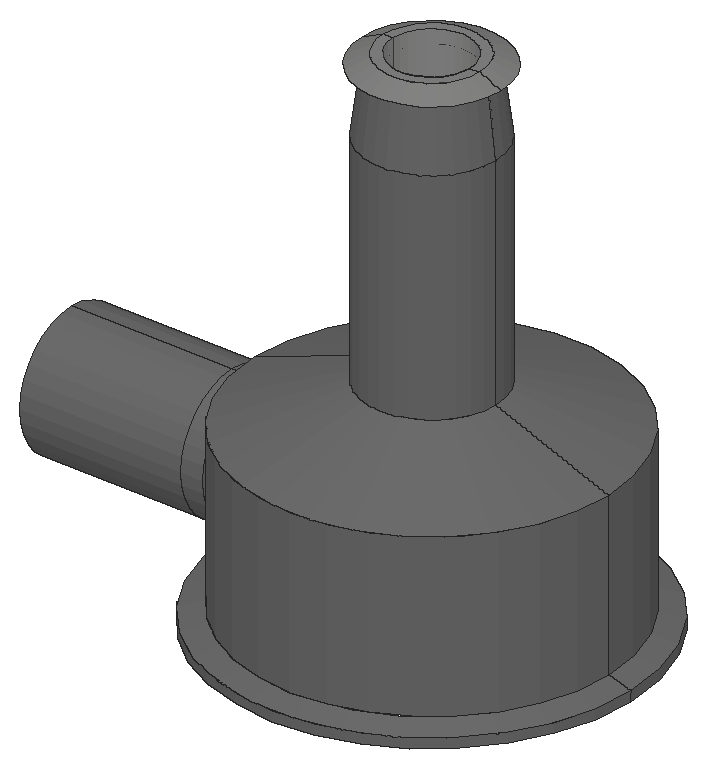
Revit family "Platek_Pico", category Apparecchi per illuminazione, host Superficie, Revit 2017 (continued)
Types (3, lengths in mm): name | Wattage | PLATEK Article Code | built-in parameter 1150142 | Luminaire Luminous Intensity | Luminaire Luminous Flux | built-in parameter 1150105 | built-in parameter 1150106 | Lumens | File diagramma fotometrico | Codice assieme | Beam Angle
    4 0.80 0.79 0.72 0.73 0.64 0.58 0.49 0.43 0.34 0.26 \r\n0.21 0.17 0.17 0.14 0.13 0.11 0.10 0.10 0.09 0.07 0.05 \r\n0.03 0.02 0.04 0.05 0.06 0.04 0.03 0.01 0.01 0.01 0.01 \r\n0.00 \r\n662.15 655.50 633.65 606.10 564.30 525.35 474.05 424.65 \r\n371.45 325.85 278.35 235.60 196.65 165.30 136.80 112.10 \r\n89.49 71.06 56.91 45.88 37.05 29.83 24.70 20.80 18.05 \r\n15.68 13.68 11.78 9.97 8.36 7.04 5.84 4.71 3.49 2.54 1.69 \r\n1.26 0.95 0.84 0.81 0.83 0.87 0.88 0.92 0.95 1.00 1.08 \r\n1.18 1.24 1.25 1.23 1.21 1.17 1.08 0.95 0.86 0.81 0.82 \r\n0.75 0.73 0.68 0.70 0.62 0.56 0.46 0.42 0.36 0.28 0.22 \r\n0.18 0.19 0.16 0.14 0.12 0.12 0.11 0.10 0.09 0.06 0.05 \r\n0.04 0.05 0.06 0.06 0.04 0.03 0.01 0.01 0.00 0.00 0.00 \r\n662.15 655.50 635.55 608.00 570.00 530.10 481.65 430.35 \r\n376.20 327.75 279.30 236.55 197.60 164.35 135.85 110.20 \r\n87.59 69.73 56.05 44.94 35.72 28.31 23.09 19.19 16.82 \r\n14.72 12.92 11.02 9.30 7.86 6.63 5.50 4.46 3.42 2.67 1.98 \r\n1.59 1.22 1.04 0.96 0.96 0.97 0.99 0.99 1.01 1.02 1.09 \r\n1.17 1.24 1.25 1.22 1.19 1.16 1.13 1.04 0.93 0.81 0.78 \r\n0.68 0.65 0.58 0.57 0.50 0.45 0.41 0.40 0.36 0.29 0.23 \r\n0.19 0.20 0.18 0.17 0.15 0.13 0.12 0.10 0.09 0.07 0.07 \r\n0.06 0.07 0.06 0.06 0.04 0.03 0.01 0.00 0.00 0.00 0.00 \r\n662.15 649.80 632.70 608.00 575.70 532.95 484.50 431.30 \r\n377.15 326.80 279.30 236.55 197.60 163.40 133.95 108.30 \r\n86.92 69.45 55.86 44.17 34.87 27.27 22.14 18.43 16.15 \r\n14.06 12.16 10.26 8.77 7.55 6.39 5.27 4.30 3.49 2.93 2.40 \r\n2.02 1.60 1.30 1.11 1.04 1.00 1.02 1.02 1.05 1.08 1.19 \r\n1.27 1.31 1.31 1.24 1.16 1.10 1.11 1.07 0.98 0.81 0.74 \r\n0.64 0.60 0.52 0.47 0.40 0.36 0.36 0.38 0.36 0.31 0.25 \r\n0.22 0.21 0.19 0.16 0.13 0.11 0.10 0.09 0.08 0.08 0.08 \r\n0.07 0.06 0.05 0.05 0.04 0.03 0.02 0.01 0.00 0.00 0.00 \r\n662.15 647.90 632.70 608.00 574.75 530.10 483.55 432.25 \r\n380.00 328.70 281.20 238.45 198.55 164.35 133.95 108.30 \r\n87.50 69.54 55.48 43.32 34.10 26.98 22.04 18.43 15.87 \r\n13.68 11.69 10.07 8.70 7.63 6.48 5.33 4.34 3.56 3.08 2.68 \r\n2.32 1.86 1.49 1.29 1.21 1.16 1.13 1.08 1.08 1.11 1.21 \r\n1.30 1.34 1.33 1.23 1.09 1.01 1.04 1.05 1.00 0.82 0.72 \r\n0.63 0.62 0.53 0.46 0.35 0.32 0.33 0.37 0.37 0.33 0.26 \r\n0.21 0.18 0.17 0.14 0.12 0.10 0.09 0.07 0.07 0.07 0.07 \r\n0.06 0.04 0.04 0.04 0.04 0.03 0.02 0.01 0.01 0.01 0.00 \r\n662.15 651.70 637.45 610.85 574.75 528.20 482.60 433.20 \r\n380.95 328.70 279.30 237.50 197.60 163.40 133.95 109.25 \r\n88.06 69.45 55.01 43.13 34.30 27.46 22.52 18.91 15.96 \r\n13.59 11.50 9.97 8.80 7.77 6.61 5.35 4.34 3.59 3.17 2.84 \r\n2.41 1.93 1.52 1.35 1.31 1.28 1.22 1.15 1.11 1.15 1.24 \r\n1.39 1.42 1.39 1.24 1.12 1.02 1.03 1.03 1.00 0.83 0.73 \r\n0.63 0.64 0.56 0.49 0.36 0.30 0.30 0.34 0.35 0.31 0.25 \r\n0.20 0.16 0.13 0.11 0.09 0.07 0.06 0.05 0.05 0.05 0.05 \r\n0.04 0.02 0.02 0.03 0.03 0.02 0.02 0.01 0.01 0.01 0.00 \r\n662.15 662.15 648.85 615.60 571.90 525.35 481.65 434.15 \r\n382.85 330.60 279.30 237.50 197.60 164.35 134.90 110.20 \r\n88.25 69.54 54.63 43.04 34.30 27.74 22.71 19.09 15.96 \r\n13.68 11.59 10.17 8.89 7.75 6.55 5.27 4.31 3.56 3.15 2.80 \r\n2.30 1.77 1.40 1.37 1.43 1.42 1.30 1.19 1.09 1.09 1.16 \r\n1.32 1.39 1.40 1.28 1.20 1.11 1.10 1.04 0.98 0.82 0.76 \r\n0.67 0.67 0.58 0.50 0.36 0.30 0.28 0.31 0.31 0.28 0.23 \r\n0.17 0.13 0.10 0.08 0.08 0.07 0.06 0.05 0.05 0.04 0.03 \r\n0.03 0.02 0.02 0.02 0.02 0.01 0.01 0.01 0.01 0.01 0.00 \r\n662.15 670.70 658.35 621.30 573.80 525.35 480.70 434.15 \r\n382.85 330.60 279.30 236.55 195.70 163.40 134.90 110.20 \r\n88.64 70.20 55.20 43.41 34.39 27.74 22.61 19.09 15.96 \r\n13.68 11.59 10.07 8.72 7.49 6.32 5.05 4.16 3.52 3.19 2.84 \r\n2.29 1.76 1.41 1.39 1.44 1.43 1.31 1.22 1.16 1.17 1.18 \r\n1.30 1.36 1.40 1.31 1.26 1.18 1.13 1.02 0.94 0.84 0.81 \r\n0.75 0.70 0.59 0.49 0.37 0.31 0.28 0.28 0.28 0.25 0.22 \r\n0.19 0.15 0.11 0.07 0.06 0.06 0.07 0.06 0.06 0.04 0.03 \r\n0.03 0.02 0.02 0.02 0.01 0.01 0.00 0.00 0.00 0.00 0.00 \r\n662.15 670.70 659.30 623.20 575.70 525.35 476.90 430.35 \r\n381.90 333.45 284.05 238.45 197.60 164.35 134.90 111.15 \r\n90.82 72.58 56.52 43.89 34.30 27.74 22.61 19.19 16.25 \r\n13.96 11.78 9.97 8.59 7.44 6.38 5.23 4.30 3.67 3.23 2.83 \r\n2.29 1.79 1.46 1.42 1.43 1.40 1.29 1.22 1.20 1.19 1.17 \r\n1.23 1.28 1.33 1.27 1.22 1.16 1.12 1.03 0.90 0.83 0.81 \r\n0.81 0.74 0.64 0.51 0.42 0.36 0.32 0.29 0.26 0.24 0.21 \r\n0.18 0.14 0.11 0.08 0.08 0.09 0.10 0.09 0.08 0.06 0.04 \r\n0.03 0.03 0.04 0.04 0.03 0.02 0.00 0.00 0.00 0.00 0.00 \r\n662.15 664.05 652.65 622.25 578.55 527.25 475.95 428.45 \r\n383.80 337.25 288.80 242.25 201.40 165.30 136.80 113.05 \r\n93.95 75.34 58.23 44.27 34.30 27.46 22.52 19.09 16.25 \r\n14.06 11.97 10.17 8.76 7.61 6.53 5.46 4.51 3.92 3.38 2.94 \r\n2.40 1.96 1.60 1.45 1.39 1.31 1.26 1.23 1.27 1.26 1.22 \r\n1.21 1.22 1.25 1.20 1.12 1.04 1.01 0.94 0.84 0.79 0.76 \r\n0.79 0.74 0.67 0.55 0.45 0.38 0.33 0.29 0.27 0.24 0.20 \r\n0.17 0.14 0.14 0.11 0.12 0.12 0.12 0.10 0.08 0.05 0.03 \r\n0.02 0.03 0.04 0.05 0.04 0.02 0.01 0.01 0.01 0.00 0.00 \r\n662.15 658.35 646.95 623.20 584.25 532.95 479.75 429.40 \r\n385.70 341.05 294.50 247.00 205.20 168.15 139.65 115.90 \r\n96.90 77.33 59.09 44.46 34.20 27.36 22.32 18.71 16.05 \r\n14.06 12.16 10.45 9.14 7.95 6.84 5.84 4.90 4.23 3.52 2.95 \r\n2.39 1.95 1.59 1.40 1.31 1.24 1.23 1.18 1.22 1.18 1.17 \r\n1.17 1.17 1.21 1.14 1.08 1.00 0.95 0.91 0.83 0.77 0.71 \r\n0.73 0.69 0.67 0.55 0.46 0.37 0.33 0.30 0.26 0.23 0.19 \r\n0.16 0.13 0.13 0.12 0.14 0.13 0.12 0.09 0.07 0.05 0.03 \r\n0.03 0.03 0.05 0.06 0.04 0.03 0.01 0.01 0.01 0.00 0.00 \r\n662.15 657.40 646.95 626.05 589.95 541.50 486.40 434.15 \r\n388.55 342.00 295.45 249.85 209.95 173.85 143.45 117.80 \r\n96.90 77.14 59.47 44.74 34.30 26.98 21.85 18.14 15.58 \r\n13.78 12.26 10.73 9.38 8.00 6.80 5.82 5.02 4.35 3.64 2.99 \r\n2.40 1.92 1.58 1.37 1.28 1.21 1.20 1.15 1.17 1.13 1.12 \r\n1.14 1.13 1.21 1.20 1.17 1.04 0.97 0.91 0.86 0.80 0.69 \r\n0.64 0.60 0.59 0.51 0.42 0.32 0.29 0.26 0.23 0.21 0.17 \r\n0.16 0.12 0.12 0.10 0.11 0.09 0.08 0.07 0.06 0.05 0.04 \r\n0.03 0.03 0.04 0.04 0.03 0.02 0.01 0.01 0.01 0.00 0.00 \r\n662.15 658.35 646.95 626.05 592.80 547.20 492.10 438.90 \r\n389.50 342.00 295.45 251.75 212.80 176.70 146.30 118.75 \r\n95.95 75.91 58.90 45.13 34.67 27.07 21.66 18.05 15.39 \r\n13.49 11.97 10.45 9.20 7.95 6.90 5.91 5.15 4.38 3.66 2.88 \r\n2.27 1.75 1.47 1.29 1.22 1.17 1.17 1.15 1.11 1.10 1.10 \r\n1.15 1.16 1.24 1.28 1.29 1.17 1.07 1.00 0.96 0.88 0.74 \r\n0.60 0.52 0.50 0.46 0.40 0.31 0.27 0.23 0.21 0.20 0.18 \r\n0.15 0.11 0.08 0.07 0.07 0.06 0.05 0.05 0.05 0.05 0.05 \r\n0.04 0.03 0.03 0.02 0.01 0.01 0.00 0.00 0.00 0.00 0.00 \r\n662.15 654.55 642.20 623.20 592.80 548.15 494.00 440.80 \r\n390.45 343.90 297.35 254.60 216.60 180.50 147.25 118.75 \r\n94.05 74.39 58.23 45.41 34.96 27.36 21.75 18.14 15.48 \r\n13.49 11.59 10.07 8.94 7.96 6.96 5.94 5.11 4.35 3.70 2.85 \r\n2.19 1.64 1.47 1.33 1.22 1.10 1.07 1.10 1.07 1.09 1.08 \r\n1.15 1.17 1.30 1.39 1.43 1.28 1.15 1.04 0.99 0.89 0.75 \r\n0.58 0.48 0.43 0.40 0.34 0.26 0.21 0.19 0.18 0.17 0.16 \r\n0.13 0.10 0.07 0.06 0.05 0.04 0.03 0.03 0.04 0.04 0.04 \r\n0.04 0.02 0.02 0.00 0.00 0.00 0.00 0.00 0.00 0.00 0.00 \r\n662.15 652.65 641.25 623.20 590.90 547.20 493.05 442.70 \r\n393.30 346.75 299.25 256.50 216.60 179.55 146.30 117.80 \r\n93.20 73.63 57.57 45.22 35.24 27.93 22.42 18.62 15.96 \r\n13.68 11.59 9.97 8.90 8.16 7.28 6.17 5.21 4.37 3.69 2.78 \r\n2.09 1.57 1.45 1.32 1.16 1.03 0.99 1.07 1.06 1.11 1.11 \r\n1.19 1.22 1.34 1.43 1.47 1.32 1.16 1.01 0.98 0.88 0.79 \r\n0.61 0.50 0.41 0.38 0.33 0.27 0.22 0.20 0.22 0.21 0.18 \r\n0.13 0.10 0.07 0.06 0.05 0.04 0.03 0.03 0.02 0.03 0.03 \r\n0.03 0.02 0.01 0.00 0.00 0.00 0.00 0.00 0.00 0.00 0.00 \r\n" | 670 cd | 85 lm | 600.1 (stored number, unit not read) | 6.001 (stored number, unit not read) | 85 lm | "8495011.IES" | "8495011 (Full Inox)+8945040+8956109 or 8956091 or 8956103" | 20.00°
  8495015_1,4W_LED_3000K_Full Inox | 0.302945 W | "8495015" | "IESNA:LM-63-2002\r\n[TEST] 8495015\r\n[TESTLAB] Platek Light s.r.l.\r\n[TESTDATE] 28 Sep 2017\r\n[ISSUEDATE] 28 Sep 2017\r\n[MANUFAC] Platek Light s.r.l.\r\n[LUMCAT] 8495015\r\n[LUMINAIRE] Pico Full Inox 1W (LED - 3000K) 80° Wide\r\n[FLASHAREA] 0.000068\r\n[LAMPCAT] 1x 1 LED\r\n[LAMP] 1x 1 LED\r\nTILT=NONE\r\n1 70.00 1.0 46 4 1 2 -0.009 -0.009 0.006\r\n1.00 1.00 1.40\r\n0.00 2.00 4.00 6.00 8.00 10.00 12.00 14.00 16.00 18.00 \r\n20.00 22.00 24.00 26.00 28.00 30.00 32.00 34.00 36.00 \r\n38.00 40.00 42.00 44.00 46.00 48.00 50.00 52.00 54.00 \r\n56.00 58.00 60.00 62.00 64.00 66.00 68.00 70.00 72.00 \r\n74.00 76.00 78.00 80.00 82.00 84.00 86.00 88.00 90.00 \r\n0.00 30.00 60.00 90.00 \r\n24.89 24.81 24.45 23.94 23.41 22.88 22.37 21.91 21.44 \r\n20.92 20.38 19.87 19.44 19.02 18.56 18.05 17.48 16.70 \r\n15.82 14.84 13.79 12.66 11.54 10.44 9.34 8.24 7.18 6.18 \r\n5.21 4.29 3.48 2.78 2.20 1.70 1.30 0.98 0.00 0.00 0.00 \r\n0.00 0.00 0.00 0.00 0.00 0.00 0.00 \r\n24.92 24.83 24.48 24.04 23.48 22.89 22.42 22.08 21.75 \r\n21.23 20.70 20.04 19.48 18.98 18.43 17.84 17.22 16.58 \r\n15.80 14.92 13.90 12.80 11.68 10.57 9.46 8.34 7.27 6.23 \r\n5.23 4.31 3.50 2.79 2.20 1.70 1.30 0.98 0.00 0.00 0.00 \r\n0.00 0.00 0.00 0.00 0.00 0.00 0.00 \r\n24.91 24.81 24.47 24.00 23.47 22.92 22.41 21.98 21.60 \r\n21.26 20.87 20.34 19.80 19.27 18.67 18.08 17.47 16.78 \r\n16.02 15.16 14.19 13.11 11.95 10.77 9.56 8.42 7.35 6.31 \r\n5.30 4.36 3.52 2.80 2.19 1.70 1.29 0.97 0.00 0.00 0.00 \r\n0.00 0.00 0.00 0.00 0.00 0.00 0.00 \r\n24.92 24.80 24.45 23.96 23.48 23.04 22.55 22.03 21.52 \r\n20.98 20.55 20.09 19.67 19.25 18.80 18.31 17.73 17.02 \r\n16.20 15.28 14.25 13.11 11.90 10.69 9.52 8.39 7.29 6.22 \r\n5.22 4.30 3.48 2.77 2.16 1.68 1.29 0.98 0.00 0.00 0.00 \r\n0.00 0.00 0.00 0.00 0.00 0.00 0.00 \r\n" | 25 cd | 45 lm | 16.02 (stored number, unit not read) | 0.1602 (stored number, unit not read) | 45 lm | "8495015.IES" | "8495015 (Full Inox)+8945040+8956109 or 8956091 or 8956103" | 80.00°
